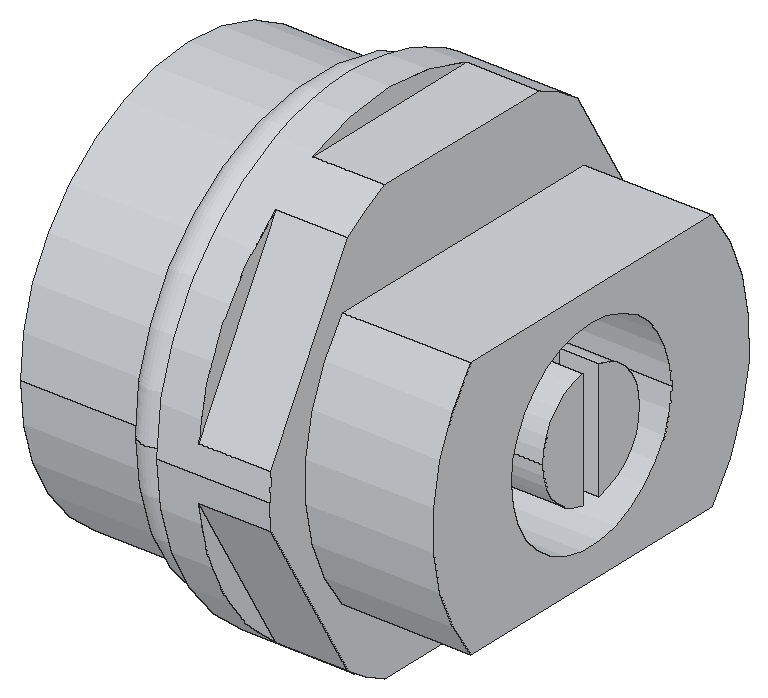
Revit family "vozduhootvodchik_ruchnoy_(kran_maevskogo)", category Арматура трубопроводов, Revit 2020
Family settings
  Размер круглого соединителя = Использовать радиус
  Тип детали = Встроенный датчик
  На основе рабочей плоскости = Да
  Всегда вертикально = Нет
  При загрузке вырезать с полостями = Нет
  Общий = Да
Parameters
  материал [instance] = none
  Позиция = ""
  Default Elevation = 1219.2 mm
  Description = ""
  Наименование = "Ручной воздухоотводчик (кран Маевского) 1/2\""
  Модель = "Воздухоотводчик Prado"
  Масса нетто = 0.02 kg
  Type Comments = ""
  Watermarked By = ""
  Код по классификатору = "PR 40 02 14"
  Keynote = ""
  built-in parameter 1114242 [instance] = (empty or 0)
  Изготовитель = "PRADO"  # constant formula
  Диаметр = r * 2  # 15.008 mm
  r = 7.504 mm
  a = 7.5 mm
  URL = "http://www.radiator-prado.ru/katalog"
  R = 12 mm
Reference planes
  plane 1 "По центру (Вперед/Назад)": y = 0
  plane 2 "низ": z = 0
  plane 3 "По центру (Влево/Вправо)": x = 0
Forms (mm)
  Extrusion 1, solid, material <- "материал"
    sketch origin (0, 0, 0) x (0, 1, 0) y (0, 0, 1)
      loop
        circle (0, 0) r 10.5
    from -6 to 0
  Extrusion 2, solid, material <- "материал"
    sketch origin (0, 0, 0) x (0, 1, 0) y (0, 0, 1)
      loop
        circle (0, 0) r 12
    from 2 to 7.6
  Extrusion 3, solid, material <- "материал"
    sketch origin (0, 0, 0) x (0, 1, 0) y (0, 0, 1)
      loop
        arc (-7.5, 6.5) -> (-9.838, 0) -> (-7.5, -6.5) r 10.203
        line (-7.5, -6.5) -> (7.5, -6.5)
        arc (7.5, -6.5) -> (9.838, 0) -> (7.5, 6.5) r 10.203
        line (7.5, 6.5) -> (-7.5, 6.5)
    from 14 to 7.6
  Extrusion 4, void
    sketch origin (0, 0, 0) x (0, 1, 0) y (0, 0, 1)
      loop
        circle (0, 0) r 5
    from 14 to 7.6
  Revolve 5, solid, material <- "материал"
    sketch origin (-6, 0, 0) x (1, 0, 0) y (0, 1, 0)
      loop
        line (6, 10.5) -> (6, 0) -> (8, 0) -> (8, 10.5)
        arc (8, 10.5) -> (7, 11.5) -> (6, 10.5) r 1
      axis (6, 0) -> (8, 0)
    angle from 0 to 360
  Extrusion 6, void
    sketch origin (0, 0, 0) x (0, 1, 0) y (0, 0, 1)
      loop
        arc (4.796, 11) -> (0, 12) -> (-4.796, 11) r 12
        line (-4.796, 11) -> (4.796, 11)
      loop
        line (-11.924, 1.347) -> (-7.128, 9.653)
        arc (-7.128, 9.653) -> (-10.392, 6) -> (-11.924, 1.347) r 12
      loop
        line (4.796, -11) -> (-4.796, -11)
        arc (-4.796, -11) -> (0, -12) -> (4.796, -11) r 12
      loop
        arc (-11.924, -1.347) -> (-10.392, -6) -> (-7.128, -9.653) r 12
        line (-7.128, -9.653) -> (-11.924, -1.347)
      loop
        arc (11.924, 1.347) -> (10.392, 6) -> (7.128, 9.653) r 12
        line (7.128, 9.653) -> (11.924, 1.347)
      loop
        line (11.924, -1.347) -> (7.128, -9.653)
        arc (7.128, -9.653) -> (10.392, -6) -> (11.924, -1.347) r 12
    from 4 to 7.6
  Extrusion 7, solid
    sketch origin (0, 0, 0) x (0, 1, 0) y (0, 0, 1)
      loop
        circle (0, 0) r 3
    from 14 to 7.6
  Extrusion 8, void
    sketch origin (0, 0, 0) x (0, 1, 0) y (0, 0, 1)
      loop
        line (0.5, 3.2) -> (-0.5, 3.2) -> (-0.5, -3.2) -> (0.5, -3.2) -> (0.5, 3.2)
    from 12 to 14
Cuts and joins
  joined: Extrusion 1, Revolve 5
  Extrusion 6 cuts Extrusion 2
  Extrusion 4 cuts Extrusion 3
  Extrusion 8 cuts Extrusion 7
Dimensions and locks
  "R": radius of Extrusion 2 sketch curve
  aligned and locked: level to plane 2 "низ"
Automatic sketch dimensions
  Extrusion 3 sketch curve to level = 0 mm  (x2)
  plane 1 "По центру (Вперед/Назад)" to Extrusion 3 sketch curve = 7.5 mm  (x2)
  plane 1 "По центру (Вперед/Назад)" to Extrusion 3 sketch curve = 0.365 mm
  Extrusion 3 sketch curve to plane 1 "По центру (Вперед/Назад)" = 0.365 mm
  Extrusion 3 sketch curve to plane 1 "По центру (Вперед/Назад)" = 7.5 mm
  Extrusion 3 sketch curve to level = 6.5 mm
  plane 1 "По центру (Вперед/Назад)" to Revolve 5 sketch curve = 0 mm  (x2)
  plane 3 "По центру (Влево/Вправо)" to Revolve 5 sketch curve = 0 mm
  Revolve 5 sketch curve to Revolve 5 sketch curve = 1 mm
  Revolve 5 sketch curve to Revolve 5 sketch curve = 10.5 mm
  Revolve 5 sketch curve to Revolve 5 sketch curve = 0 mm  (x2)
  Extrusion 6 sketch curve to Extrusion 6 sketch curve = 0 mm  (x32)
  Extrusion 6 sketch curve to level = 0 mm
  Extrusion 6 sketch curve to plane 1 "По центру (Вперед/Назад)" = 0 mm
  plane 1 "По центру (Вперед/Назад)" to Extrusion 6 sketch curve = 4.796 mm  (x2)
  Extrusion 6 sketch curve to Extrusion 6 sketch curve = 2.333 mm  (x4)
  level to Extrusion 6 sketch curve = 1.347 mm  (x2)
  Extrusion 6 sketch curve to Extrusion 6 sketch curve = 4.796 mm  (x2)
  Extrusion 6 sketch curve to level = 1.347 mm  (x2)
  Extrusion 6 sketch curve to Extrusion 6 sketch curve = 1.347 mm  (x2)
  Extrusion 8 sketch curve to plane 1 "По центру (Вперед/Назад)" = 0.5 mm
  plane 1 "По центру (Вперед/Назад)" to Extrusion 8 sketch curve = 0.5 mm
  Extrusion 8 sketch curve to level = 3.2 mm
  level to Extrusion 8 sketch curve = 3.2 mm
  Extrusion 1 sketch curve to level = 0 mm
  Extrusion 1 sketch curve to plane 1 "По центру (Вперед/Назад)" = 0 mm
  Extrusion 4 sketch curve to level = 0 mm
  Extrusion 4 sketch curve to plane 1 "По центру (Вперед/Назад)" = 0 mm
  Extrusion 7 sketch curve to level = 0 mm
  Extrusion 7 sketch curve to plane 1 "По центру (Вперед/Назад)" = 0 mm
  Extrusion 2 sketch curve to level = 0 mm
  Extrusion 2 sketch curve to plane 1 "По центру (Вперед/Назад)" = 0 mm
  radius of Extrusion 1 sketch curve = 10.5 mm
  radius of Extrusion 4 sketch curve = 5 mm
  radius of Extrusion 7 sketch curve = 3 mm
